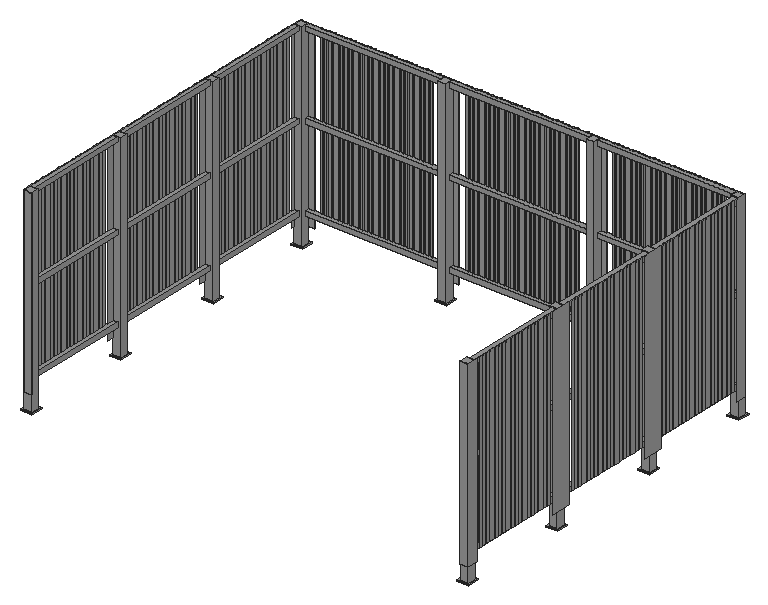
Revit family "15113 Ограждение для ТБО Хоббика", category Антураж, Revit 2018
Family settings
  На основе рабочей плоскости = Нет
  Всегда вертикально = Да
  При загрузке вырезать с полостями = Нет
  Источник визуального образа = Геометрия семейства
  Общий = Нет
  Точка расчета площади = Нет
Parameters (values of type "Ограждение для ТБО")
  Ширина = 3500 mm  # constant formula
  Цвет каркаса = Сталь
  Описание = "Ограждение для ТБО"  # constant formula
  Материал изделия = "Сталь"  # constant formula
  Изображение типоразмера = Ограждение для ТБО Арт 15113.jpg
  Изготовитель = "ООО «Хоббика»"  # constant formula
  Длина = 4500 mm  # constant formula
  Группа модели = "Контейнерные площадки для ТБО"  # constant formula
  Высота = 2000 mm  # constant formula
  Артикул товара = "Арт. 15113"  # constant formula
  URL = "https://hobbyka.ru/product/ograzhdenie_dlya_tbo"
Reference planes
  plane 1 "По центру (Вперед/Назад)": y = 0
  plane 2: z = 0
  plane 3 "По центру (Влево/Вправо)": x = 0
  plane 4: x = 4500
  plane 5: y = 3500
  plane 6: z = 2000
Forms (mm)
  Extrusion 1, solid, material "Сталь" <- "Цвет каркаса"
    sketch origin (0, 0, 0) x (1, 0, 0) y (0, 1, 0)
      loop
        line (-20, 3520) -> (-20, 3400) -> (100, 3400) -> (100, 3520) -> (-20, 3520)
      loop
        line (1440, 3520) -> (1440, 3400) -> (1560, 3400) -> (1560, 3520) -> (1440, 3520)
      loop
        line (2940, 3520) -> (2940, 3400) -> (3060, 3400) -> (3060, 3520) -> (2940, 3520)
      loop
        line (4400, 3520) -> (4400, 3400) -> (4520, 3400) -> (4520, 3520) -> (4400, 3520)
      loop
        line (4400, 2393.333) -> (4400, 2273.333) -> (4520, 2273.333) -> (4520, 2393.333) -> (4400, 2393.333)
      loop
        line (4400, 1226.667) -> (4400, 1106.667) -> (4520, 1106.667) -> (4520, 1226.667) -> (4400, 1226.667)
      loop
        line (4400, 100) -> (4400, -20) -> (4520, -20) -> (4520, 100) -> (4400, 100)
      loop
        line (-20, 100) -> (-20, -20) -> (100, -20) -> (100, 100) -> (-20, 100)
      loop
        line (-20, 1226.667) -> (-20, 1106.667) -> (100, 1106.667) -> (100, 1226.667) -> (-20, 1226.667)
      loop
        line (-20, 2393.333) -> (-20, 2273.333) -> (100, 2273.333) -> (100, 2393.333) -> (-20, 2393.333)
    from 0 to 10
  Extrusion 2, solid, material "Сталь" <- "Цвет каркаса"
    sketch origin (0, 0, 0) x (1, 0, 0) y (0, 1, 0)
      loop
        line (0, 3500) -> (0, 3420) -> (80, 3420) -> (80, 3500) -> (0, 3500)
      loop
        line (1460, 3500) -> (1460, 3420) -> (1540, 3420) -> (1540, 3500) -> (1460, 3500)
      loop
        line (2960, 3500) -> (2960, 3420) -> (3040, 3420) -> (3040, 3500) -> (2960, 3500)
      loop
        line (4420, 3500) -> (4420, 3420) -> (4500, 3420) -> (4500, 3500) -> (4420, 3500)
      loop
        line (0, 80) -> (0, 0) -> (80, 0) -> (80, 80) -> (0, 80)
      loop
        line (4420, 80) -> (4420, 0) -> (4500, 0) -> (4500, 80) -> (4420, 80)
      loop
        line (0, 1206.667) -> (0, 1126.667) -> (80, 1126.667) -> (80, 1206.667) -> (0, 1206.667)
      loop
        line (4420, 1206.667) -> (4420, 1126.667) -> (4500, 1126.667) -> (4500, 1206.667) -> (4420, 1206.667)
      loop
        line (0, 2373.333) -> (0, 2293.333) -> (80, 2293.333) -> (80, 2373.333) -> (0, 2373.333)
      loop
        line (4420, 2373.333) -> (4420, 2293.333) -> (4500, 2293.333) -> (4500, 2373.333) -> (4420, 2373.333)
    from 0 to 2000
  Extrusion 3, solid, material "Сталь" <- "Цвет каркаса"
    sketch origin (0, 0, 0) x (1, 0, 0) y (0, 1, 0)
      loop
        line (80, 3450) -> (1460, 3450) -> (1460, 3500) -> (80, 3500) -> (80, 3450)
      loop
        line (1540, 3450) -> (2960, 3450) -> (2960, 3500) -> (1540, 3500) -> (1540, 3450)
      loop
        line (3040, 3450) -> (4420, 3450) -> (4420, 3500) -> (3040, 3500) -> (3040, 3450)
      loop
        line (4450, 3420) -> (4450, 2373.333) -> (4500, 2373.333) -> (4500, 3420) -> (4450, 3420)
      loop
        line (4450, 2293.333) -> (4450, 1206.667) -> (4500, 1206.667) -> (4500, 2293.333) -> (4450, 2293.333)
      loop
        line (4450, 1126.667) -> (4450, 80) -> (4500, 80) -> (4500, 1126.667) -> (4450, 1126.667)
      loop
        line (50, 80) -> (50, 1126.667) -> (0, 1126.667) -> (0, 80) -> (50, 80)
      loop
        line (50, 1206.667) -> (50, 2293.333) -> (0, 2293.333) -> (0, 1206.667) -> (50, 1206.667)
      loop
        line (50, 2373.333) -> (50, 3420) -> (0, 3420) -> (0, 2373.333) -> (50, 2373.333)
    from 270 to 320
  Extrusion 4, solid, material "Сталь" <- "Цвет каркаса"
    sketch origin (0, 0, 0) x (1, 0, 0) y (0, 1, 0)
      loop
        line (3040, 3500) -> (3040, 3450) -> (4420, 3450) -> (4420, 3500) -> (3040, 3500)
      loop
        line (4500, 3420) -> (4450, 3420) -> (4450, 2373.333) -> (4500, 2373.333) -> (4500, 3420)
      loop
        line (1540, 3500) -> (1540, 3450) -> (2960, 3450) -> (2960, 3500) -> (1540, 3500)
      loop
        line (80, 3500) -> (80, 3450) -> (1460, 3450) -> (1460, 3500) -> (80, 3500)
      loop
        line (4500, 2293.333) -> (4450, 2293.333) -> (4450, 1206.667) -> (4500, 1206.667) -> (4500, 2293.333)
      loop
        line (4500, 1126.667) -> (4450, 1126.667) -> (4450, 80) -> (4500, 80) -> (4500, 1126.667)
      loop
        line (50, 3420) -> (0, 3420) -> (0, 2373.333) -> (50, 2373.333) -> (50, 3420)
      loop
        line (50, 2293.333) -> (0, 2293.333) -> (0, 1206.667) -> (50, 1206.667) -> (50, 2293.333)
      loop
        line (50, 1126.667) -> (0, 1126.667) -> (0, 80) -> (50, 80) -> (50, 1126.667)
    from 1950 to 2000
  Extrusion 5, solid, material "Сталь" <- "Цвет каркаса"
    sketch origin (0, 0, 0) x (1, 0, 0) y (0, 1, 0)
      loop
        line (80, 3450) -> (1460, 3450) -> (1460, 3500) -> (80, 3500) -> (80, 3450)
      loop
        line (1540, 3450) -> (2960, 3450) -> (2960, 3500) -> (1540, 3500) -> (1540, 3450)
      loop
        line (3040, 3450) -> (4420, 3450) -> (4420, 3500) -> (3040, 3500) -> (3040, 3450)
      loop
        line (4450, 3420) -> (4450, 2373.333) -> (4500, 2373.333) -> (4500, 3420) -> (4450, 3420)
      loop
        line (4450, 2293.333) -> (4450, 1206.667) -> (4500, 1206.667) -> (4500, 2293.333) -> (4450, 2293.333)
      loop
        line (4450, 1126.667) -> (4450, 80) -> (4500, 80) -> (4500, 1126.667) -> (4450, 1126.667)
      loop
        line (50, 80) -> (50, 1126.667) -> (0, 1126.667) -> (0, 80) -> (50, 80)
      loop
        line (50, 1206.667) -> (50, 2293.333) -> (0, 2293.333) -> (0, 1206.667) -> (50, 1206.667)
      loop
        line (50, 2373.333) -> (50, 3420) -> (0, 3420) -> (0, 2373.333) -> (50, 2373.333)
    from 1110 to 1160
  Extrusion 6, solid, material "Сталь" <- "Цвет каркаса"
    sketch origin (0, 0, 0) x (1, 0, 0) y (0, 1, 0)
      loop
        line (146.667, 3500) -> (146.667, 3501) -> (-1, 3501) -> (-1, 3390) -> (0, 3390) -> (0, 3500) -> (146.667, 3500)
      loop
        line (4358.333, 3500) -> (4500, 3500) -> (4500, 3395) -> (4501, 3395) -> (4501, 3501) -> (4358.333, 3501) -> (4358.333, 3500)
      loop
        line (80, 0) -> (0, 0) -> (0, 105) -> (-1, 105) -> (-1, -1) -> (80, -1) -> (80, 0)
      loop
        line (4420, 0) -> (4420, -1) -> (4501, -1) -> (4501, 105) -> (4500, 105) -> (4500, 0) -> (4420, 0)
      loop
        line (3101.667, 3501) -> (2898.333, 3501) -> (2898.333, 3500) -> (3101.667, 3500) -> (3101.667, 3501)
      loop
        line (1601.667, 3501) -> (1398.333, 3501) -> (1398.333, 3500) -> (1601.667, 3500) -> (1601.667, 3501)
      loop
        line (4501, 2231.667) -> (4501, 2435) -> (4500, 2435) -> (4500, 2231.667) -> (4501, 2231.667)
      loop
        line (4501, 1065) -> (4501, 1268.333) -> (4500, 1268.333) -> (4500, 1065) -> (4501, 1065)
      loop
        line (-1, 2231.667) -> (0, 2231.667) -> (0, 2435) -> (-1, 2435) -> (-1, 2231.667)
      loop
        line (-1, 1065) -> (0, 1065) -> (0, 1268.333) -> (-1, 1268.333) -> (-1, 1065)
    from 160 to 2000
  Extrusion 7, solid, material "Сталь" <- "Цвет каркаса"
    sketch origin (-25.295, 0, 0) x (1, 0, 0) y (0, 1, 0)
      loop
        line (252.628, 3501) -> (227.628, 3501) -> (227.628, 3500) -> (252.628, 3500) -> (252.628, 3501)
      loop
        line (297.628, 3501) -> (272.628, 3501) -> (272.628, 3500) -> (297.628, 3500) -> (297.628, 3501)
      loop
        line (342.628, 3501) -> (317.628, 3501) -> (317.628, 3500) -> (342.628, 3500) -> (342.628, 3501)
      loop
        line (412.628, 3501) -> (362.628, 3501) -> (362.628, 3500) -> (412.628, 3500) -> (412.628, 3501)
      loop
        line (457.628, 3501) -> (432.628, 3501) -> (432.628, 3500) -> (457.628, 3500) -> (457.628, 3501)
      loop
        line (502.628, 3501) -> (477.628, 3501) -> (477.628, 3500) -> (502.628, 3500) -> (502.628, 3501)
      loop
        line (547.628, 3501) -> (522.628, 3501) -> (522.628, 3500) -> (547.628, 3500) -> (547.628, 3501)
      loop
        line (617.628, 3501) -> (567.628, 3501) -> (567.628, 3500) -> (617.628, 3500) -> (617.628, 3501)
      loop
        line (662.628, 3501) -> (637.628, 3501) -> (637.628, 3500) -> (662.628, 3500) -> (662.628, 3501)
      loop
        line (707.628, 3501) -> (682.628, 3501) -> (682.628, 3500) -> (707.628, 3500) -> (707.628, 3501)
      loop
        line (752.628, 3501) -> (727.628, 3501) -> (727.628, 3500) -> (752.628, 3500) -> (752.628, 3501)
      loop
        line (822.628, 3501) -> (772.628, 3501) -> (772.628, 3500) -> (822.628, 3500) -> (822.628, 3501)
      loop
        line (867.628, 3501) -> (842.628, 3501) -> (842.628, 3500) -> (867.628, 3500) -> (867.628, 3501)
      loop
        line (912.628, 3501) -> (887.628, 3501) -> (887.628, 3500) -> (912.628, 3500) -> (912.628, 3501)
      loop
        line (957.628, 3501) -> (932.628, 3501) -> (932.628, 3500) -> (957.628, 3500) -> (957.628, 3501)
      loop
        line (1027.628, 3501) -> (977.628, 3501) -> (977.628, 3500) -> (1027.628, 3500) -> (1027.628, 3501)
      loop
        line (1072.628, 3501) -> (1047.628, 3501) -> (1047.628, 3500) -> (1072.628, 3500) -> (1072.628, 3501)
      loop
        line (1117.628, 3501) -> (1092.628, 3501) -> (1092.628, 3500) -> (1117.628, 3500) -> (1117.628, 3501)
      loop
        line (1162.628, 3501) -> (1137.628, 3501) -> (1137.628, 3500) -> (1162.628, 3500) -> (1162.628, 3501)
      loop
        line (1232.628, 3501) -> (1182.628, 3501) -> (1182.628, 3500) -> (1232.628, 3500) -> (1232.628, 3501)
      loop
        line (1277.628, 3501) -> (1252.628, 3501) -> (1252.628, 3500) -> (1277.628, 3500) -> (1277.628, 3501)
      loop
        line (1322.628, 3501) -> (1297.628, 3501) -> (1297.628, 3500) -> (1322.628, 3500) -> (1322.628, 3501)
      loop
        line (1367.628, 3501) -> (1342.628, 3501) -> (1342.628, 3500) -> (1367.628, 3500) -> (1367.628, 3501)
      loop
        line (3212.628, 3501) -> (3187.628, 3501) -> (3187.628, 3500) -> (3212.628, 3500) -> (3212.628, 3501)
      loop
        line (3257.628, 3501) -> (3232.628, 3501) -> (3232.628, 3500) -> (3257.628, 3500) -> (3257.628, 3501)
      loop
        line (3302.628, 3501) -> (3277.628, 3501) -> (3277.628, 3500) -> (3302.628, 3500) -> (3302.628, 3501)
      loop
        line (3372.628, 3501) -> (3322.628, 3501) -> (3322.628, 3500) -> (3372.628, 3500) -> (3372.628, 3501)
      loop
        line (3417.628, 3501) -> (3392.628, 3501) -> (3392.628, 3500) -> (3417.628, 3500) -> (3417.628, 3501)
      loop
        line (3462.628, 3501) -> (3437.628, 3501) -> (3437.628, 3500) -> (3462.628, 3500) -> (3462.628, 3501)
      loop
        line (3507.628, 3501) -> (3482.628, 3501) -> (3482.628, 3500) -> (3507.628, 3500) -> (3507.628, 3501)
      loop
        line (3577.628, 3501) -> (3527.628, 3501) -> (3527.628, 3500) -> (3577.628, 3500) -> (3577.628, 3501)
      loop
        line (3622.628, 3501) -> (3597.628, 3501) -> (3597.628, 3500) -> (3622.628, 3500) -> (3622.628, 3501)
      loop
        line (3667.628, 3501) -> (3642.628, 3501) -> (3642.628, 3500) -> (3667.628, 3500) -> (3667.628, 3501)
      loop
        line (3712.628, 3501) -> (3687.628, 3501) -> (3687.628, 3500) -> (3712.628, 3500) -> (3712.628, 3501)
      loop
        line (3782.628, 3501) -> (3732.628, 3501) -> (3732.628, 3500) -> (3782.628, 3500) -> (3782.628, 3501)
      loop
        line (3827.628, 3501) -> (3802.628, 3501) -> (3802.628, 3500) -> (3827.628, 3500) -> (3827.628, 3501)
      loop
        line (3872.628, 3501) -> (3847.628, 3501) -> (3847.628, 3500) -> (3872.628, 3500) -> (3872.628, 3501)
      loop
        line (3917.628, 3501) -> (3892.628, 3501) -> (3892.628, 3500) -> (3917.628, 3500) -> (3917.628, 3501)
      loop
        line (3987.628, 3501) -> (3937.628, 3501) -> (3937.628, 3500) -> (3987.628, 3500) -> (3987.628, 3501)
      loop
        line (4032.628, 3501) -> (4007.628, 3501) -> (4007.628, 3500) -> (4032.628, 3500) -> (4032.628, 3501)
      loop
        line (4077.628, 3501) -> (4052.628, 3501) -> (4052.628, 3500) -> (4077.628, 3500) -> (4077.628, 3501)
      loop
        line (4122.628, 3501) -> (4097.628, 3501) -> (4097.628, 3500) -> (4122.628, 3500) -> (4122.628, 3501)
      loop
        line (4192.628, 3501) -> (4142.628, 3501) -> (4142.628, 3500) -> (4192.628, 3500) -> (4192.628, 3501)
      loop
        line (4237.628, 3501) -> (4212.628, 3501) -> (4212.628, 3500) -> (4237.628, 3500) -> (4237.628, 3501)
      loop
        line (4282.628, 3501) -> (4257.628, 3501) -> (4257.628, 3500) -> (4282.628, 3500) -> (4282.628, 3501)
      loop
        line (4327.628, 3501) -> (4302.628, 3501) -> (4302.628, 3500) -> (4327.628, 3500) -> (4327.628, 3501)
      loop
        line (1730.295, 3501) -> (1705.295, 3501) -> (1705.295, 3500) -> (1730.295, 3500) -> (1730.295, 3501)
      loop
        line (1775.295, 3501) -> (1750.295, 3501) -> (1750.295, 3500) -> (1775.295, 3500) -> (1775.295, 3501)
      loop
        line (1820.295, 3501) -> (1795.295, 3501) -> (1795.295, 3500) -> (1820.295, 3500) -> (1820.295, 3501)
      loop
        line (1890.295, 3501) -> (1840.295, 3501) -> (1840.295, 3500) -> (1890.295, 3500) -> (1890.295, 3501)
      loop
        line (1935.295, 3501) -> (1910.295, 3501) -> (1910.295, 3500) -> (1935.295, 3500) -> (1935.295, 3501)
      loop
        line (1980.295, 3501) -> (1955.295, 3501) -> (1955.295, 3500) -> (1980.295, 3500) -> (1980.295, 3501)
      loop
        line (2025.295, 3501) -> (2000.295, 3501) -> (2000.295, 3500) -> (2025.295, 3500) -> (2025.295, 3501)
      loop
        line (2095.295, 3501) -> (2045.295, 3501) -> (2045.295, 3500) -> (2095.295, 3500) -> (2095.295, 3501)
      loop
        line (2140.295, 3501) -> (2115.295, 3501) -> (2115.295, 3500) -> (2140.295, 3500) -> (2140.295, 3501)
      loop
        line (2185.295, 3501) -> (2160.295, 3501) -> (2160.295, 3500) -> (2185.295, 3500) -> (2185.295, 3501)
      loop
        line (2230.295, 3501) -> (2205.295, 3501) -> (2205.295, 3500) -> (2230.295, 3500) -> (2230.295, 3501)
      loop
        line (2300.295, 3501) -> (2250.295, 3501) -> (2250.295, 3500) -> (2300.295, 3500) -> (2300.295, 3501)
      loop
        line (2345.295, 3501) -> (2320.295, 3501) -> (2320.295, 3500) -> (2345.295, 3500) -> (2345.295, 3501)
      loop
        line (2390.295, 3501) -> (2365.295, 3501) -> (2365.295, 3500) -> (2390.295, 3500) -> (2390.295, 3501)
      loop
        line (2435.295, 3501) -> (2410.295, 3501) -> (2410.295, 3500) -> (2435.295, 3500) -> (2435.295, 3501)
      loop
        line (2505.295, 3501) -> (2455.295, 3501) -> (2455.295, 3500) -> (2505.295, 3500) -> (2505.295, 3501)
      loop
        line (2550.295, 3501) -> (2525.295, 3501) -> (2525.295, 3500) -> (2550.295, 3500) -> (2550.295, 3501)
      loop
        line (2595.295, 3501) -> (2570.295, 3501) -> (2570.295, 3500) -> (2595.295, 3500) -> (2595.295, 3501)
      loop
        line (2640.295, 3501) -> (2615.295, 3501) -> (2615.295, 3500) -> (2640.295, 3500) -> (2640.295, 3501)
      loop
        line (2710.295, 3501) -> (2660.295, 3501) -> (2660.295, 3500) -> (2710.295, 3500) -> (2710.295, 3501)
      loop
        line (2755.295, 3501) -> (2730.295, 3501) -> (2730.295, 3500) -> (2755.295, 3500) -> (2755.295, 3501)
      loop
        line (2800.295, 3501) -> (2775.295, 3501) -> (2775.295, 3500) -> (2800.295, 3500) -> (2800.295, 3501)
      loop
        line (2845.295, 3501) -> (2820.295, 3501) -> (2820.295, 3500) -> (2845.295, 3500) -> (2845.295, 3501)
    from 270 to 2000
  Extrusion 8, solid, material "Сталь" <- "Цвет каркаса"
    sketch origin (-1325.295, -10, 0) x (1, 0, 0) y (0, 1, 0)
      loop
        line (1325.295, 1015) -> (1325.295, 1040) -> (1324.295, 1040) -> (1324.295, 1015) -> (1325.295, 1015)
      loop
        line (1325.295, 970) -> (1325.295, 995) -> (1324.295, 995) -> (1324.295, 970) -> (1325.295, 970)
      loop
        line (1325.295, 900) -> (1325.295, 950) -> (1324.295, 950) -> (1324.295, 900) -> (1325.295, 900)
      loop
        line (1325.295, 855) -> (1325.295, 880) -> (1324.295, 880) -> (1324.295, 855) -> (1325.295, 855)
      loop
        line (1325.295, 810) -> (1325.295, 835) -> (1324.295, 835) -> (1324.295, 810) -> (1325.295, 810)
      loop
        line (1325.295, 765) -> (1325.295, 790) -> (1324.295, 790) -> (1324.295, 765) -> (1325.295, 765)
      loop
        line (1325.295, 695) -> (1325.295, 745) -> (1324.295, 745) -> (1324.295, 695) -> (1325.295, 695)
      loop
        line (1325.295, 650) -> (1325.295, 675) -> (1324.295, 675) -> (1324.295, 650) -> (1325.295, 650)
      loop
        line (1325.295, 605) -> (1325.295, 630) -> (1324.295, 630) -> (1324.295, 605) -> (1325.295, 605)
      loop
        line (1325.295, 560) -> (1325.295, 585) -> (1324.295, 585) -> (1324.295, 560) -> (1325.295, 560)
      loop
        line (1325.295, 490) -> (1325.295, 540) -> (1324.295, 540) -> (1324.295, 490) -> (1325.295, 490)
      loop
        line (1325.295, 445) -> (1325.295, 470) -> (1324.295, 470) -> (1324.295, 445) -> (1325.295, 445)
      loop
        line (1325.295, 400) -> (1325.295, 425) -> (1324.295, 425) -> (1324.295, 400) -> (1325.295, 400)
      loop
        line (1325.295, 355) -> (1325.295, 380) -> (1324.295, 380) -> (1324.295, 355) -> (1325.295, 355)
      loop
        line (1325.295, 285) -> (1325.295, 335) -> (1324.295, 335) -> (1324.295, 285) -> (1325.295, 285)
      loop
        line (1325.295, 240) -> (1325.295, 265) -> (1324.295, 265) -> (1324.295, 240) -> (1325.295, 240)
      loop
        line (1325.295, 195) -> (1325.295, 220) -> (1324.295, 220) -> (1324.295, 195) -> (1325.295, 195)
      loop
        line (1325.295, 150) -> (1325.295, 175) -> (1324.295, 175) -> (1324.295, 150) -> (1325.295, 150)
      loop
        line (1325.295, 3340) -> (1325.295, 3365) -> (1324.295, 3365) -> (1324.295, 3340) -> (1325.295, 3340)
      loop
        line (1325.295, 3295) -> (1325.295, 3320) -> (1324.295, 3320) -> (1324.295, 3295) -> (1325.295, 3295)
      loop
        line (1325.295, 3225) -> (1325.295, 3275) -> (1324.295, 3275) -> (1324.295, 3225) -> (1325.295, 3225)
      loop
        line (1325.295, 3180) -> (1325.295, 3205) -> (1324.295, 3205) -> (1324.295, 3180) -> (1325.295, 3180)
      loop
        line (1325.295, 3135) -> (1325.295, 3160) -> (1324.295, 3160) -> (1324.295, 3135) -> (1325.295, 3135)
      loop
        line (1325.295, 3090) -> (1325.295, 3115) -> (1324.295, 3115) -> (1324.295, 3090) -> (1325.295, 3090)
      loop
        line (1325.295, 3020) -> (1325.295, 3070) -> (1324.295, 3070) -> (1324.295, 3020) -> (1325.295, 3020)
      loop
        line (1325.295, 2975) -> (1325.295, 3000) -> (1324.295, 3000) -> (1324.295, 2975) -> (1325.295, 2975)
      loop
        line (1325.295, 2930) -> (1325.295, 2955) -> (1324.295, 2955) -> (1324.295, 2930) -> (1325.295, 2930)
      loop
        line (1325.295, 2885) -> (1325.295, 2910) -> (1324.295, 2910) -> (1324.295, 2885) -> (1325.295, 2885)
      loop
        line (1325.295, 2815) -> (1325.295, 2865) -> (1324.295, 2865) -> (1324.295, 2815) -> (1325.295, 2815)
      loop
        line (1325.295, 2770) -> (1325.295, 2795) -> (1324.295, 2795) -> (1324.295, 2770) -> (1325.295, 2770)
      loop
        line (1325.295, 2725) -> (1325.295, 2750) -> (1324.295, 2750) -> (1324.295, 2725) -> (1325.295, 2725)
      loop
        line (1325.295, 2680) -> (1325.295, 2705) -> (1324.295, 2705) -> (1324.295, 2680) -> (1325.295, 2680)
      loop
        line (1325.295, 2610) -> (1325.295, 2660) -> (1324.295, 2660) -> (1324.295, 2610) -> (1325.295, 2610)
      loop
        line (1325.295, 2565) -> (1325.295, 2590) -> (1324.295, 2590) -> (1324.295, 2565) -> (1325.295, 2565)
      loop
        line (1325.295, 2520) -> (1325.295, 2545) -> (1324.295, 2545) -> (1324.295, 2520) -> (1325.295, 2520)
      loop
        line (1325.295, 2475) -> (1325.295, 2500) -> (1324.295, 2500) -> (1324.295, 2475) -> (1325.295, 2475)
      loop
        line (5826.295, 1015) -> (5826.295, 1040) -> (5825.295, 1040) -> (5825.295, 1015) -> (5826.295, 1015)
      loop
        line (5826.295, 970) -> (5826.295, 995) -> (5825.295, 995) -> (5825.295, 970) -> (5826.295, 970)
      loop
        line (5826.295, 900) -> (5826.295, 950) -> (5825.295, 950) -> (5825.295, 900) -> (5826.295, 900)
      loop
        line (5826.295, 855) -> (5826.295, 880) -> (5825.295, 880) -> (5825.295, 855) -> (5826.295, 855)
      loop
        line (5826.295, 810) -> (5826.295, 835) -> (5825.295, 835) -> (5825.295, 810) -> (5826.295, 810)
      loop
        line (5826.295, 765) -> (5826.295, 790) -> (5825.295, 790) -> (5825.295, 765) -> (5826.295, 765)
      loop
        line (5826.295, 695) -> (5826.295, 745) -> (5825.295, 745) -> (5825.295, 695) -> (5826.295, 695)
      loop
        line (5826.295, 650) -> (5826.295, 675) -> (5825.295, 675) -> (5825.295, 650) -> (5826.295, 650)
      loop
        line (5826.295, 605) -> (5826.295, 630) -> (5825.295, 630) -> (5825.295, 605) -> (5826.295, 605)
      loop
        line (5826.295, 560) -> (5826.295, 585) -> (5825.295, 585) -> (5825.295, 560) -> (5826.295, 560)
      loop
        line (5826.295, 490) -> (5826.295, 540) -> (5825.295, 540) -> (5825.295, 490) -> (5826.295, 490)
      loop
        line (5826.295, 445) -> (5826.295, 470) -> (5825.295, 470) -> (5825.295, 445) -> (5826.295, 445)
      loop
        line (5826.295, 400) -> (5826.295, 425) -> (5825.295, 425) -> (5825.295, 400) -> (5826.295, 400)
      loop
        line (5826.295, 355) -> (5826.295, 380) -> (5825.295, 380) -> (5825.295, 355) -> (5826.295, 355)
      loop
        line (5826.295, 285) -> (5826.295, 335) -> (5825.295, 335) -> (5825.295, 285) -> (5826.295, 285)
      loop
        line (5826.295, 240) -> (5826.295, 265) -> (5825.295, 265) -> (5825.295, 240) -> (5826.295, 240)
      loop
        line (5826.295, 195) -> (5826.295, 220) -> (5825.295, 220) -> (5825.295, 195) -> (5826.295, 195)
      loop
        line (5826.295, 150) -> (5826.295, 175) -> (5825.295, 175) -> (5825.295, 150) -> (5826.295, 150)
      loop
        line (5826.295, 3340) -> (5826.295, 3365) -> (5825.295, 3365) -> (5825.295, 3340) -> (5826.295, 3340)
      loop
        line (5826.295, 3295) -> (5826.295, 3320) -> (5825.295, 3320) -> (5825.295, 3295) -> (5826.295, 3295)
      loop
        line (5826.295, 3225) -> (5826.295, 3275) -> (5825.295, 3275) -> (5825.295, 3225) -> (5826.295, 3225)
      loop
        line (5826.295, 3180) -> (5826.295, 3205) -> (5825.295, 3205) -> (5825.295, 3180) -> (5826.295, 3180)
      loop
        line (5826.295, 3135) -> (5826.295, 3160) -> (5825.295, 3160) -> (5825.295, 3135) -> (5826.295, 3135)
      loop
        line (5826.295, 3090) -> (5826.295, 3115) -> (5825.295, 3115) -> (5825.295, 3090) -> (5826.295, 3090)
      loop
        line (5826.295, 3020) -> (5826.295, 3070) -> (5825.295, 3070) -> (5825.295, 3020) -> (5826.295, 3020)
      loop
        line (5826.295, 2975) -> (5826.295, 3000) -> (5825.295, 3000) -> (5825.295, 2975) -> (5826.295, 2975)
      loop
        line (5826.295, 2930) -> (5826.295, 2955) -> (5825.295, 2955) -> (5825.295, 2930) -> (5826.295, 2930)
      loop
        line (5826.295, 2885) -> (5826.295, 2910) -> (5825.295, 2910) -> (5825.295, 2885) -> (5826.295, 2885)
      loop
        line (5826.295, 2815) -> (5826.295, 2865) -> (5825.295, 2865) -> (5825.295, 2815) -> (5826.295, 2815)
      loop
        line (5826.295, 2770) -> (5826.295, 2795) -> (5825.295, 2795) -> (5825.295, 2770) -> (5826.295, 2770)
      loop
        line (5826.295, 2725) -> (5826.295, 2750) -> (5825.295, 2750) -> (5825.295, 2725) -> (5826.295, 2725)
      loop
        line (5826.295, 2680) -> (5826.295, 2705) -> (5825.295, 2705) -> (5825.295, 2680) -> (5826.295, 2680)
      loop
        line (5826.295, 2610) -> (5826.295, 2660) -> (5825.295, 2660) -> (5825.295, 2610) -> (5826.295, 2610)
      loop
        line (5826.295, 2565) -> (5826.295, 2590) -> (5825.295, 2590) -> (5825.295, 2565) -> (5826.295, 2565)
      loop
        line (5826.295, 2520) -> (5826.295, 2545) -> (5825.295, 2545) -> (5825.295, 2520) -> (5826.295, 2520)
      loop
        line (5826.295, 2475) -> (5826.295, 2500) -> (5825.295, 2500) -> (5825.295, 2475) -> (5826.295, 2475)
    from 270 to 2000
  Extrusion 9, solid, material "Сталь" <- "Цвет каркаса"
    sketch origin (-1325.295, -1169.667, 0) x (1, 0, 0) y (0, 1, 0)
      loop
        line (1325.295, 3340) -> (1325.295, 3365) -> (1324.295, 3365) -> (1324.295, 3340) -> (1325.295, 3340)
      loop
        line (1325.295, 3295) -> (1325.295, 3320) -> (1324.295, 3320) -> (1324.295, 3295) -> (1325.295, 3295)
      loop
        line (1325.295, 3225) -> (1325.295, 3275) -> (1324.295, 3275) -> (1324.295, 3225) -> (1325.295, 3225)
      loop
        line (1325.295, 3180) -> (1325.295, 3205) -> (1324.295, 3205) -> (1324.295, 3180) -> (1325.295, 3180)
      loop
        line (1325.295, 3135) -> (1325.295, 3160) -> (1324.295, 3160) -> (1324.295, 3135) -> (1325.295, 3135)
      loop
        line (1325.295, 3090) -> (1325.295, 3115) -> (1324.295, 3115) -> (1324.295, 3090) -> (1325.295, 3090)
      loop
        line (1325.295, 3020) -> (1325.295, 3070) -> (1324.295, 3070) -> (1324.295, 3020) -> (1325.295, 3020)
      loop
        line (1325.295, 2975) -> (1325.295, 3000) -> (1324.295, 3000) -> (1324.295, 2975) -> (1325.295, 2975)
      loop
        line (1325.295, 2930) -> (1325.295, 2955) -> (1324.295, 2955) -> (1324.295, 2930) -> (1325.295, 2930)
      loop
        line (1325.295, 2885) -> (1325.295, 2910) -> (1324.295, 2910) -> (1324.295, 2885) -> (1325.295, 2885)
      loop
        line (1325.295, 2815) -> (1325.295, 2865) -> (1324.295, 2865) -> (1324.295, 2815) -> (1325.295, 2815)
      loop
        line (1325.295, 2770) -> (1325.295, 2795) -> (1324.295, 2795) -> (1324.295, 2770) -> (1325.295, 2770)
      loop
        line (1325.295, 2725) -> (1325.295, 2750) -> (1324.295, 2750) -> (1324.295, 2725) -> (1325.295, 2725)
      loop
        line (1325.295, 2680) -> (1325.295, 2705) -> (1324.295, 2705) -> (1324.295, 2680) -> (1325.295, 2680)
      loop
        line (1325.295, 2610) -> (1325.295, 2660) -> (1324.295, 2660) -> (1324.295, 2610) -> (1325.295, 2610)
      loop
        line (1325.295, 2565) -> (1325.295, 2590) -> (1324.295, 2590) -> (1324.295, 2565) -> (1325.295, 2565)
      loop
        line (1325.295, 2520) -> (1325.295, 2545) -> (1324.295, 2545) -> (1324.295, 2520) -> (1325.295, 2520)
      loop
        line (1325.295, 2475) -> (1325.295, 2500) -> (1324.295, 2500) -> (1324.295, 2475) -> (1325.295, 2475)
      loop
        line (5826.295, 3340) -> (5826.295, 3365) -> (5825.295, 3365) -> (5825.295, 3340) -> (5826.295, 3340)
      loop
        line (5826.295, 3295) -> (5826.295, 3320) -> (5825.295, 3320) -> (5825.295, 3295) -> (5826.295, 3295)
      loop
        line (5826.295, 3225) -> (5826.295, 3275) -> (5825.295, 3275) -> (5825.295, 3225) -> (5826.295, 3225)
      loop
        line (5826.295, 3180) -> (5826.295, 3205) -> (5825.295, 3205) -> (5825.295, 3180) -> (5826.295, 3180)
      loop
        line (5826.295, 3135) -> (5826.295, 3160) -> (5825.295, 3160) -> (5825.295, 3135) -> (5826.295, 3135)
      loop
        line (5826.295, 3090) -> (5826.295, 3115) -> (5825.295, 3115) -> (5825.295, 3090) -> (5826.295, 3090)
      loop
        line (5826.295, 3020) -> (5826.295, 3070) -> (5825.295, 3070) -> (5825.295, 3020) -> (5826.295, 3020)
      loop
        line (5826.295, 2975) -> (5826.295, 3000) -> (5825.295, 3000) -> (5825.295, 2975) -> (5826.295, 2975)
      loop
        line (5826.295, 2930) -> (5826.295, 2955) -> (5825.295, 2955) -> (5825.295, 2930) -> (5826.295, 2930)
      loop
        line (5826.295, 2885) -> (5826.295, 2910) -> (5825.295, 2910) -> (5825.295, 2885) -> (5826.295, 2885)
      loop
        line (5826.295, 2815) -> (5826.295, 2865) -> (5825.295, 2865) -> (5825.295, 2815) -> (5826.295, 2815)
      loop
        line (5826.295, 2770) -> (5826.295, 2795) -> (5825.295, 2795) -> (5825.295, 2770) -> (5826.295, 2770)
      loop
        line (5826.295, 2725) -> (5826.295, 2750) -> (5825.295, 2750) -> (5825.295, 2725) -> (5826.295, 2725)
      loop
        line (5826.295, 2680) -> (5826.295, 2705) -> (5825.295, 2705) -> (5825.295, 2680) -> (5826.295, 2680)
      loop
        line (5826.295, 2610) -> (5826.295, 2660) -> (5825.295, 2660) -> (5825.295, 2610) -> (5826.295, 2610)
      loop
        line (5826.295, 2565) -> (5826.295, 2590) -> (5825.295, 2590) -> (5825.295, 2565) -> (5826.295, 2565)
      loop
        line (5826.295, 2520) -> (5826.295, 2545) -> (5825.295, 2545) -> (5825.295, 2520) -> (5826.295, 2520)
      loop
        line (5826.295, 2475) -> (5826.295, 2500) -> (5825.295, 2500) -> (5825.295, 2475) -> (5826.295, 2475)
    from 270 to 2000
Dimensions and locks
  "Длина": plane 3 "По центру (Влево/Вправо)" to plane 4
  "Ширина": plane 5 to plane 1 "По центру (Вперед/Назад)"
  "Высота": plane 6 to plane 2
  aligned and locked: level to plane 2
Automatic sketch dimensions
  Extrusion 1 sketch curve to plane 3 "По центру (Влево/Вправо)" = 20 mm  (x4)
  plane 3 "По центру (Влево/Вправо)" to Extrusion 1 sketch curve = 100 mm  (x4)
  plane 1 "По центру (Вперед/Назад)" to Extrusion 1 sketch curve = 20 mm  (x2)
  plane 5 to Extrusion 1 sketch curve = 20 mm  (x4)
  Extrusion 1 sketch curve to Extrusion 1 sketch curve = 1340 mm
  Extrusion 1 sketch curve to Extrusion 1 sketch curve = 120 mm  (x6)
  Extrusion 1 sketch curve to Extrusion 1 sketch curve = 1380 mm
  Extrusion 1 sketch curve to plane 4 = 100 mm  (x4)
  plane 4 to Extrusion 1 sketch curve = 20 mm  (x4)
  Extrusion 1 sketch curve to plane 1 "По центру (Вперед/Назад)" = 100 mm  (x2)
  Extrusion 1 sketch curve to Extrusion 1 sketch curve = 1006.667 mm  (x2)
  Extrusion 1 sketch curve to Extrusion 1 sketch curve = 1046.667 mm  (x2)
  Extrusion 1 sketch curve to plane 5 = 100 mm  (x4)
  Extrusion 2 sketch curve to plane 3 "По центру (Влево/Вправо)" = 0 mm  (x4)
  plane 1 "По центру (Вперед/Назад)" to Extrusion 2 sketch curve = 0 mm  (x2)
  Extrusion 2 sketch curve to plane 5 = 0 mm  (x4)
  Extrusion 2 sketch curve to plane 4 = 0 mm  (x4)
  plane 3 "По центру (Влево/Вправо)" to Extrusion 2 sketch curve = 80 mm  (x4)
  Extrusion 2 sketch curve to Extrusion 2 sketch curve = 1380 mm
  Extrusion 2 sketch curve to Extrusion 2 sketch curve = 80 mm  (x11)
  Extrusion 2 sketch curve to plane 5 = 80 mm  (x3)
  Extrusion 2 sketch curve to Extrusion 2 sketch curve = 1420 mm
  Extrusion 2 sketch curve to plane 4 = 80 mm
  Extrusion 2 sketch curve to plane 1 "По центру (Вперед/Назад)" = 80 mm
  Extrusion 2 sketch curve to Extrusion 2 sketch curve = 1046.667 mm  (x2)
  Extrusion 2 sketch curve to Extrusion 2 sketch curve = 1086.667 mm  (x2)
  Extrusion 3 sketch curve to plane 3 "По центру (Влево/Вправо)" = 0 mm  (x3)
  Extrusion 3 sketch curve to plane 5 = 0 mm  (x3)
  Extrusion 3 sketch curve to plane 4 = 0 mm  (x3)
  plane 3 "По центру (Влево/Вправо)" to Extrusion 3 sketch curve = 50 mm  (x3)
  plane 3 "По центру (Влево/Вправо)" to Extrusion 3 sketch curve = 80 mm
  Extrusion 3 sketch curve to plane 5 = 50 mm  (x3)
  Extrusion 3 sketch curve to Extrusion 3 sketch curve = 1380 mm
  Extrusion 3 sketch curve to Extrusion 3 sketch curve = 80 mm  (x6)
  Extrusion 3 sketch curve to Extrusion 3 sketch curve = 1420 mm
  Extrusion 3 sketch curve to plane 4 = 80 mm
  Extrusion 3 sketch curve to plane 4 = 50 mm  (x3)
  Extrusion 3 sketch curve to Extrusion 3 sketch curve = 30 mm  (x2)
  Extrusion 3 sketch curve to Extrusion 3 sketch curve = 1046.667 mm  (x2)
  Extrusion 3 sketch curve to Extrusion 3 sketch curve = 1086.667 mm  (x2)
  Extrusion 3 sketch curve to plane 1 "По центру (Вперед/Назад)" = 80 mm  (x2)
  Extrusion 4 sketch curve to plane 3 "По центру (Влево/Вправо)" = 0 mm  (x3)
  Extrusion 4 sketch curve to plane 5 = 0 mm  (x3)
  Extrusion 4 sketch curve to plane 4 = 0 mm  (x3)
  plane 3 "По центру (Влево/Вправо)" to Extrusion 4 sketch curve = 50 mm  (x3)
  Extrusion 4 sketch curve to Extrusion 4 sketch curve = 30 mm  (x4)
  Extrusion 4 sketch curve to plane 5 = 50 mm  (x2)
  Extrusion 4 sketch curve to Extrusion 4 sketch curve = 1380 mm
  Extrusion 4 sketch curve to Extrusion 4 sketch curve = 80 mm  (x6)
  Extrusion 4 sketch curve to Extrusion 4 sketch curve = 1420 mm
  Extrusion 4 sketch curve to plane 4 = 80 mm
  Extrusion 4 sketch curve to plane 4 = 50 mm  (x2)
  Extrusion 4 sketch curve to plane 5 = 80 mm
  Extrusion 4 sketch curve to Extrusion 4 sketch curve = 1046.667 mm  (x2)
  Extrusion 4 sketch curve to Extrusion 4 sketch curve = 1086.667 mm  (x2)
  Extrusion 4 sketch curve to plane 1 "По центру (Вперед/Назад)" = 80 mm  (x2)
  Extrusion 5 sketch curve to plane 3 "По центру (Влево/Вправо)" = 0 mm  (x3)
  Extrusion 5 sketch curve to plane 5 = 0 mm  (x3)
  Extrusion 5 sketch curve to plane 4 = 0 mm  (x3)
  plane 3 "По центру (Влево/Вправо)" to Extrusion 5 sketch curve = 50 mm  (x3)
  plane 3 "По центру (Влево/Вправо)" to Extrusion 5 sketch curve = 80 mm
  Extrusion 5 sketch curve to plane 5 = 50 mm  (x3)
  Extrusion 5 sketch curve to Extrusion 5 sketch curve = 1380 mm
  Extrusion 5 sketch curve to Extrusion 5 sketch curve = 80 mm  (x6)
  Extrusion 5 sketch curve to Extrusion 5 sketch curve = 1420 mm
  Extrusion 5 sketch curve to plane 4 = 80 mm
  Extrusion 5 sketch curve to plane 4 = 50 mm  (x3)
  Extrusion 5 sketch curve to Extrusion 5 sketch curve = 30 mm  (x2)
  Extrusion 5 sketch curve to Extrusion 5 sketch curve = 1046.667 mm  (x2)
  Extrusion 5 sketch curve to Extrusion 5 sketch curve = 1086.667 mm  (x2)
  Extrusion 5 sketch curve to plane 1 "По центру (Вперед/Назад)" = 80 mm  (x2)
  Extrusion 6 sketch curve to plane 3 "По центру (Влево/Вправо)" = 0 mm  (x4)
  plane 1 "По центру (Вперед/Назад)" to Extrusion 6 sketch curve = 0 mm  (x2)
  Extrusion 6 sketch curve to plane 5 = 0 mm  (x4)
  Extrusion 6 sketch curve to plane 4 = 0 mm  (x4)
  Extrusion 6 sketch curve to Extrusion 6 sketch curve = 1 mm  (x4)
  Extrusion 6 sketch curve to plane 3 "По центру (Влево/Вправо)" = 1 mm  (x3)
  plane 1 "По центру (Вперед/Назад)" to Extrusion 6 sketch curve = 1 mm
  plane 3 "По центру (Влево/Вправо)" to Extrusion 6 sketch curve = 80 mm
  plane 5 to Extrusion 6 sketch curve = 1 mm  (x3)
  plane 3 "По центру (Влево/Вправо)" to Extrusion 6 sketch curve = 146.667 mm
  Extrusion 6 sketch curve to Extrusion 6 sketch curve = 1251.667 mm
  Extrusion 6 sketch curve to Extrusion 6 sketch curve = 203.333 mm  (x6)
  Extrusion 6 sketch curve to Extrusion 6 sketch curve = 1296.667 mm
  Extrusion 6 sketch curve to plane 4 = 141.667 mm
  Extrusion 6 sketch curve to Extrusion 6 sketch curve = 80 mm
  plane 4 to Extrusion 6 sketch curve = 1 mm  (x3)
  Extrusion 6 sketch curve to plane 1 "По центру (Вперед/Назад)" = 105 mm  (x2)
  Extrusion 6 sketch curve to Extrusion 6 sketch curve = 960 mm  (x2)
  Extrusion 6 sketch curve to Extrusion 6 sketch curve = 963.333 mm  (x2)
  Extrusion 6 sketch curve to plane 5 = 110 mm
  Extrusion 6 sketch curve to plane 5 = 105 mm
  Extrusion 7 sketch curve to plane 5 = 0 mm  (x69)
  plane 5 to Extrusion 7 sketch curve = 1 mm  (x53)
  plane 3 "По центру (Влево/Вправо)" to Extrusion 7 sketch curve = 202.333 mm
  Extrusion 7 sketch curve to Extrusion 7 sketch curve = 25 mm  (x54)
  Extrusion 7 sketch curve to Extrusion 7 sketch curve = 20 mm  (x66)
  Extrusion 7 sketch curve to Extrusion 7 sketch curve = 50 mm  (x15)
  Extrusion 7 sketch curve to Extrusion 7 sketch curve = 337.667 mm
  Extrusion 7 sketch curve to Extrusion 7 sketch curve = 342.333 mm
  Extrusion 7 sketch curve to Extrusion 7 sketch curve = 1 mm  (x16)
  Extrusion 8 sketch curve to plane 3 "По центру (Влево/Вправо)" = 0 mm  (x36)
  Extrusion 8 sketch curve to plane 4 = 0 mm  (x36)
  Extrusion 8 sketch curve to Extrusion 8 sketch curve = 1 mm  (x60)
  Extrusion 8 sketch curve to plane 3 "По центру (Влево/Вправо)" = 1 mm  (x5)
  plane 4 to Extrusion 8 sketch curve = 1 mm  (x7)
  Extrusion 8 sketch curve to plane 1 "По центру (Вперед/Назад)" = 140 mm  (x2)
  Extrusion 8 sketch curve to Extrusion 8 sketch curve = 25 mm  (x56)
  Extrusion 8 sketch curve to Extrusion 8 sketch curve = 20 mm  (x68)
  Extrusion 8 sketch curve to Extrusion 8 sketch curve = 50 mm  (x16)
  Extrusion 8 sketch curve to plane 5 = 1035 mm  (x2)
  Extrusion 9 sketch curve to plane 3 "По центру (Влево/Вправо)" = 0 mm  (x18)
  Extrusion 9 sketch curve to plane 4 = 0 mm  (x18)
  Extrusion 9 sketch curve to Extrusion 9 sketch curve = 1 mm  (x21)
  plane 4 to Extrusion 9 sketch curve = 1 mm  (x15)
  Extrusion 9 sketch curve to plane 1 "По центру (Вперед/Назад)" = 1305.333 mm  (x2)
  Extrusion 9 sketch curve to Extrusion 9 sketch curve = 25 mm  (x28)
  Extrusion 9 sketch curve to Extrusion 9 sketch curve = 20 mm  (x34)
  Extrusion 9 sketch curve to Extrusion 9 sketch curve = 50 mm  (x8)
